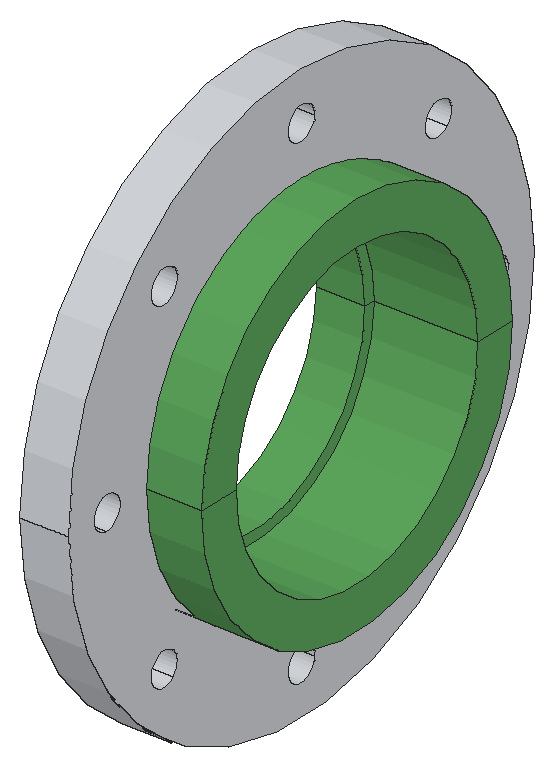
Revit family "Aquatherm_Соединительная втулка с фланцем PN6", category Соединительные детали трубопроводов, Revit 2019
Family settings
  Размер круглого соединителя = Использовать диаметр
  Тип детали = Соединение
  На основе рабочей плоскости = Нет
  Всегда вертикально = Да
  При загрузке вырезать с полостями = Нет
  Общий = Нет
Parameters (values of type "SDR 11")
  Материал_Фланец = AquaTherm сталь pipe
  Материал_Корпус = AquaTherm green pipe
  n [instance] = N / 1 mm  # 8
  l1 [instance] = size_lookup("Соединительная втулка с фланцем PN6", "l1", l + 5 mm, d)  # 20 mm
  d2 [instance] = D - 2 * (D - d1)  # 160 mm
  d1 [instance] = size_lookup("Соединительная втулка с фланцем PN6", "d1", D + 30 mm, d)  # 200 mm
  URL = "www.agpipe.ru"
  SDR = 11 mm
  N [instance] = size_lookup("Соединительная втулка с фланцем PN6", "N", 4 mm, d)  # 8 mm
  L [instance] = size_lookup("Соединительная втулка с фланцем PN6", "L", 50 mm, d)  # 63 mm
  D [instance] = size_lookup("Соединительная втулка с фланцем PN6", "D", d * 2, d)  # 240 mm
  l [instance] = size_lookup("Соединительная втулка с фланцем PN6", "l", 15 mm, d)  # 20 mm
  d [instance] = 125 mm
  ADSK_Примечание = ""
  ADSK_Позиция [instance] = ""
  ADSK_Обозначение = ""
  ADSK_Наименование [instance] = size_lookup("Соединительная втулка с фланцем PN6", "ADSK_Наименование", "Нет в каталоге", d)  # "Соединительная втулка с фланцем  PN6 DN125"
  ADSK_Масса_Текст [instance] = size_lookup("Соединительная втулка с фланцем PN6", "ADSK_Масса_Текст", "Нет в каталоге", d)  # "3.945"
  ADSK_Код изделия [instance] = size_lookup("Соединительная втулка с фланцем PN6", "ADSK_Код изделия", "Нет в каталоге", d)  # "15027"
  ADSK_Завод-изготовитель = "Aquatherm"  # constant formula
  ADSK_Единица измерения = "шт."  # constant formula
Types (6, lengths in mm): name | SDR
  (no name) | 11
  SDR 6 | 6
  SDR 7.4 | 7.4
  SDR 9 | 9
  SDR 11 | 11
  SDR 17.6 | 17.6
Reference planes
  plane 1 "По центру (Вперед/Назад)": y = 0
  plane 2: z = 0
  plane 3 "По центру (Влево/Вправо)": x = 0
  plane 4: x = -31.5
  plane 5: x = 31.5
  plane 6: x = -11.5
  plane 7: x = 8.5
  plane 8: y = 62.5
  plane 9: y = -62.5
  plane 10: y = 80
  plane 11: y = -80
  plane 12: y = 86
Forms (mm)
  Revolve 1, solid, material "AquaTherm green pipe" <- "Материал_Корпус"
    sketch origin (0, 0, 0) x (1, 0, 0) y (0, 1, 0)
      loop
        line (-11.5, 62.5) -> (31.5, 62.5) -> (31.5, 80) -> (-11.5, 80) -> (-11.5, 86) -> (-31.5, 86) -> (-31.5, 57.982) -> (-11.5, 57.982) -> (-11.5, 62.5)
      axis (-31.5, 0) -> (31.5, 0)
    angle from 0 to 360
Lines and regions (mm)
  reference lines
    curve 1: line (-31.5, 0, 0) -> (31.5, 0, 0)
Dimensions and locks
  equal spacing: plane 4, plane 3 "По центру (Влево/Вправо)", plane 5
  "L": plane 4 to plane 5
  "l": plane 4 to plane 6
  "l1": plane 6 to plane 7
  equal spacing: plane 11, plane 1 "По центру (Вперед/Назад)", plane 10
  "d2": plane 11 to plane 10
  equal spacing: plane 8, plane 1 "По центру (Вперед/Назад)", plane 9
  "d": plane 8 to plane 9
  locked: plane 10 to plane 12 at 6
  locked: Revolve 1 sketch curve to plane 8 at 4.518
  aligned and locked: level to plane 2
  aligned and locked: plane 6 to nested 1
  aligned and locked: Revolve 1 sketch curve to plane 8
  aligned and locked: Revolve 1 sketch curve to plane 10
  aligned and locked: plane 5 to Revolve 1 sketch curve
  aligned and locked: Revolve 1 sketch curve to plane 4
  aligned and locked: Revolve 1 sketch curve to plane 12
  aligned and locked: plane 1 "По центру (Вперед/Назад)" to Revolve 1 sketch curve
  aligned and locked: plane 5 to curve 1
  aligned and locked: plane 4 to curve 1
Automatic sketch dimensions
  plane 1 "По центру (Вперед/Назад)" to curve 1 = 0 mm
  Revolve 1 sketch curve to plane 6 = 0 mm  (x2)
  Revolve 1 sketch curve to plane 4 = 45 mm
  plane 5 to Revolve 1 sketch curve = 84.5 mm
Nested families
  nested 1: "Семейство1" at (-1.5, 0, 0), l <- "l1", d1 <- "d1", D <- "D", n <- "n", Материал_Фланец <- "Материал_Фланец", type "Семейство1"
    with Материал_Фланец AquaTherm сталь pipe, r1 100 mm, n 8, l 20 mm, d3 14 mm, d2 160 mm, d1 200 mm, D 240 mm
Connectors
  piping at (-31.5, 0, 0), diameter 125, driven by "d"
    settings: on curve 1, index 1, connector inside diameter 609.6 mm, connector length 0 mm, flow factor 0, pipe flow 0.0 L/s, pressure drop 0.0 Pa, fitting loss kfactor 0, connector angle 0.00°, fixture units 0, engagement length 0 mm, angle of deflection 0.00°, flow configuration 0, flow direction 0, fitting loss method 0, system type 28, joint type 0, gender type 0, connector reference index 2, connector utility 0, adjustable connector no, is connector primary yes, connector description ""
  piping at (31.5, 0, 0), diameter 125, driven by "d"
    settings: on curve 1, index 2, connector inside diameter 609.6 mm, connector length 0 mm, flow factor 0, pipe flow 0.0 L/s, pressure drop 0.0 Pa, fitting loss kfactor 0, connector angle 0.00°, fixture units 0, engagement length 0 mm, angle of deflection 0.00°, flow configuration 0, flow direction 0, fitting loss method 0, system type 28, joint type 0, gender type 0, connector reference index 1, connector utility 0, adjustable connector no, is connector primary no, connector description ""
Definition of nested family "Семейство1"
  Parameters (values of type "Семейство1")
    Материал_Фланец [instance] = none
    r1 [instance] = d1 / 2  # 100 mm
    n [instance] = 8
    l [instance] = 55 mm
    d3 [instance] = 14 mm  # constant formula
    d2 [instance] = D - 2 * (D - d1)  # 160 mm
    d1 [instance] = 200 mm
    D [instance] = 240 mm
  Reference planes
    plane 1 "По центру (Вперед/Назад)": y = 0
    plane 2: z = 0
    plane 3 "По центру (Влево/Вправо)": x = 0
    plane 4: x = -27.5
    plane 5: x = 27.5
  Forms (mm)
    Extrusion 1, solid, material <- "Материал_Фланец"
      sketch origin (0, 0, 0) x (0, 1, 0) y (0, 0, 1)
        loop
          circle (0, 0) r 120
        loop
          circle (0, 0) r 80
      from -27.5 to 27.5
    Extrusion 2, void
      sketch origin (21.5, 0, 62.5) x (0, 1, 0) y (0, 0, 1)
        loop
          circle (0, 37.5) r 7
      from -817.124 to 1008.5
    Extrusion 3, void
      sketch origin (21.5, 44.194, 44.194) x (0, 0.707107, -0.707107) y (0, 0.707107, 0.707107)
        loop
          circle (0, 37.5) r 7
      from -817.124 to 1008.5
    Extrusion 4, void
      sketch origin (21.5, 62.5, 0) x (0, 0, -1) y (0, 1, 0)
        loop
          circle (0, 37.5) r 7
      from -817.124 to 1008.5
    Extrusion 5, void
      sketch origin (21.5, 44.194, -44.194) x (0, -0.707107, -0.707107) y (0, 0.707107, -0.707107)
        loop
          circle (0, 37.5) r 7
      from -817.124 to 1008.5
    Extrusion 6, void
      sketch origin (21.5, 0, -62.5) x (0, -1, 0) y (0, 0, -1)
        loop
          circle (0, 37.5) r 7
      from -817.124 to 1008.5
    Extrusion 7, void
      sketch origin (21.5, -44.194, -44.194) x (0, -0.707107, 0.707107) y (0, -0.707107, -0.707107)
        loop
          circle (0, 37.5) r 7
      from -817.124 to 1008.5
    Extrusion 8, void
      sketch origin (21.5, -62.5, 0) x (0, 0, 1) y (0, -1, 0)
        loop
          circle (0, 37.5) r 7
      from -817.124 to 1008.5
    Extrusion 9, void
      sketch origin (21.5, -44.194, 44.194) x (0, 0.707107, 0.707107) y (0, -0.707107, 0.707107)
        loop
          circle (0, 37.5) r 7
      from -817.124 to 1008.5
  Cuts and joins
    Extrusion 2, Extrusion 3, Extrusion 4, Extrusion 5, Extrusion 6, Extrusion 7, Extrusion 8, Extrusion 9 cuts Extrusion 1
  Dimensions and locks
    equal spacing: plane 4, plane 3 "По центру (Влево/Вправо)", plane 5
    "l": plane 4 to plane 5
    "D": diameter of Extrusion 1 sketch curve
    "d2": diameter of Extrusion 1 sketch curve
    "d3": diameter of Extrusion 2 sketch curve
    "d3": diameter of Extrusion 3 sketch curve
    "d3": diameter of Extrusion 4 sketch curve
    "d1": diameter of radial array
    "d3": diameter of Extrusion 5 sketch curve
    "d3": diameter of Extrusion 6 sketch curve
    "d3": diameter of Extrusion 7 sketch curve
    "d3": diameter of Extrusion 8 sketch curve
    "d3": diameter of Extrusion 9 sketch curve
    aligned and locked: level to plane 2
    aligned and locked: cut or joined group 1 (Extrusion 1, Extrusion 2, Extrusion 3, Extrusion 4, Extrusion 5, Extrusion 6, Extrusion 7, Extrusion 8, Extrusion 9) to plane 4
    aligned and locked: cut or joined group 1 to plane 5
  Automatic sketch dimensions
    Extrusion 1 sketch curve to Extrusion 1 sketch curve = 0 mm  (x2)
    Extrusion 1 sketch curve to level = 0 mm
    Extrusion 1 sketch curve to plane 1 "По центру (Вперед/Назад)" = 0 mm
